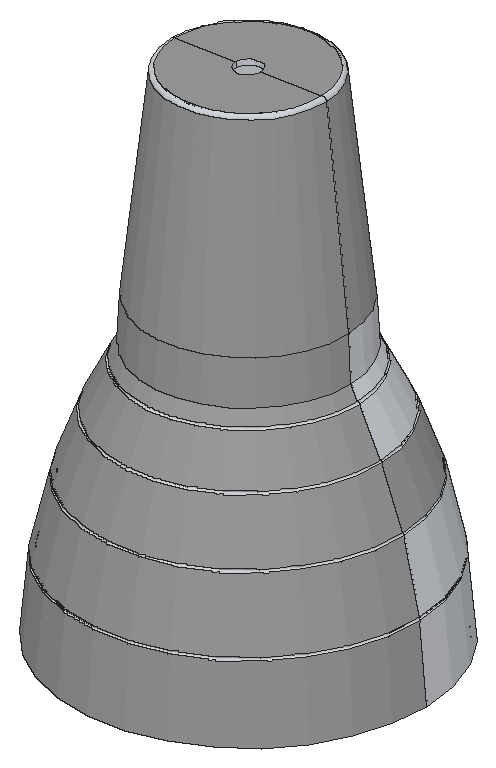
Revit family "CO7 SHADE", category Lighting Fixtures, Revit 2024
Family settings
  Round Connector Dimension = Use Diameter
  Part Type = Normal
  OmniClass Number = 23.80.70.00
  OmniClass Title = Lighting
  Work Plane-Based = No
  Always vertical = Yes
  Cut with Voids When Loaded = No
  Light Source = Yes
  Maintain Annotation Orientation = No
  Shared = No
  Room Calculation Point = No
Parameters
  Wattage = 12.1178 W
  built-in parameter 1150110 = 1 (stored number, unit not read)
  built-in parameter 1114217 = 1 (stored number, unit not read)
  built-in parameter 1150109 = 1 (stored number, unit not read)
  built-in parameter 1150134 = (empty or 0)
  built-in parameter 1150113 = 1 (stored number, unit not read)
  Lumens = 1800 lm
  built-in parameter 1150115 = 1 (stored number, unit not read)
  built-in parameter 1150105 = 572.96 (stored number, unit not read)
  Light Source Symbol Size = 2' - 0"
  built-in parameter 1150137 = (empty or 0)
  built-in parameter 1150139 = (empty or 0)
  built-in parameter 1150112 = 1 (stored number, unit not read)
  built-in parameter 1150114 = 1 (stored number, unit not read)
  built-in parameter 1150132 = 2
  built-in parameter 1150102 = (empty or 0)
  built-in parameter 1150138 = (empty or 0)
  built-in parameter 1150107 = 3000 (stored number, unit not read)
  built-in parameter 1150106 = 5.7296 (stored number, unit not read)
  built-in parameter 1150104 = 13.8 (stored number, unit not read)
  Dimming Lamp Color Temperature Shift = (empty or 0)
  Default Elevation = 0' - 0"
  Color Filter = 16777215
  built-in parameter 1114218 = 1 (stored number, unit not read)
  built-in parameter 1150133 = 10 (stored number, unit not read)
Reference planes (in)
  plane 1 "Light Source Axis (F/B)": y = 0
  plane 2: z = 0
  plane 3 "Light Source Axis (L/R)": x = 0
  plane 4 "Light Source Elevation": z = 84
Forms (in)
  Revolve 1, solid
    sketch origin (0, 0, 0) x (1, 0, 0) y (0, 0, 1)
      loop
        line (0.25, 94) -> (0.25, 93.90625) -> (1.43772, 93.90625) -> (1.87687, 89.99463) -> (1.9162, 89.1087)
        arc (1.9162, 89.1087) -> (1.98834, 88.98958) -> (2.05884, 88.86947) r 10.05896
        arc (2.05884, 88.86947) -> (2.075, 88.81104) -> (2.11703, 88.76734) r 0.1235
        arc (2.11703, 88.76734) -> (2.31966, 88.38814) -> (2.5059, 88.00062) r 10.05896
        arc (2.5059, 88.00062) -> (2.51588, 87.94158) -> (2.55326, 87.89481) r 0.11937
        arc (2.55326, 87.89481) -> (2.75735, 87.39593) -> (2.93442, 86.88683) r 10.05896
        arc (2.93442, 86.88683) -> (2.93632, 86.82333) -> (2.9708, 86.76997) r 0.11826
        arc (2.9708, 86.76997) -> (3.13631, 86.1583) -> (3.26297, 85.53742) r 10.05896
        arc (3.26297, 85.53742) -> (3.25374, 85.46887) -> (3.28446, 85.4069) r 0.11815
        arc (3.28446, 85.4069) -> (3.37013, 84.70484) -> (3.40626, 83.99851) r 10.05896
        line (3.40626, 83.99851) -> (3.50002, 83.99851)
        arc (3.50002, 83.99851) -> (3.46174, 84.73344) -> (3.37032, 85.46366) r 10.15271
        arc (3.37032, 85.46366) -> (3.34624, 85.4841) -> (3.3625, 85.51118) r 0.0244
        arc (3.3625, 85.51118) -> (3.22803, 86.17782) -> (3.04923, 86.83397) r 10.15271
        arc (3.04923, 86.83397) -> (3.02583, 86.8512) -> (3.03532, 86.87866) r 0.02451
        arc (3.03532, 86.87866) -> (2.84561, 87.42757) -> (2.62484, 87.96473) r 10.15271
        arc (2.62484, 87.96473) -> (2.60145, 87.97988) -> (2.60572, 88.00742) r 0.02562
        arc (2.60572, 88.00742) -> (2.40364, 88.42981) -> (2.1823, 88.84244) r 10.15271
        arc (2.1823, 88.84244) -> (2.15646, 88.85745) -> (2.15671, 88.88735) r 0.02975
        arc (2.15671, 88.88735) -> (2.08364, 89.01274) -> (2.00878, 89.13707) r 10.15271
        line (2.00878, 89.13707) -> (1.97039, 90.00195) -> (1.52984, 93.92602)
        arc (1.52984, 93.92602) -> (1.50259, 93.97881) -> (1.44709, 94) r 0.08327
        line (1.44709, 94) -> (0.25, 94)
      axis (0, 94) -> (0, 83.99851)
    angle from 0 to 360
Dimensions and locks (in)
  aligned and locked: plane 3 "Light Source Axis (L/R)" to imposter light
  aligned and locked: plane 1 "Light Source Axis (F/B)" to imposter light
  aligned and locked: plane 4 "Light Source Elevation" to imposter light
  aligned and locked: level to plane 2
